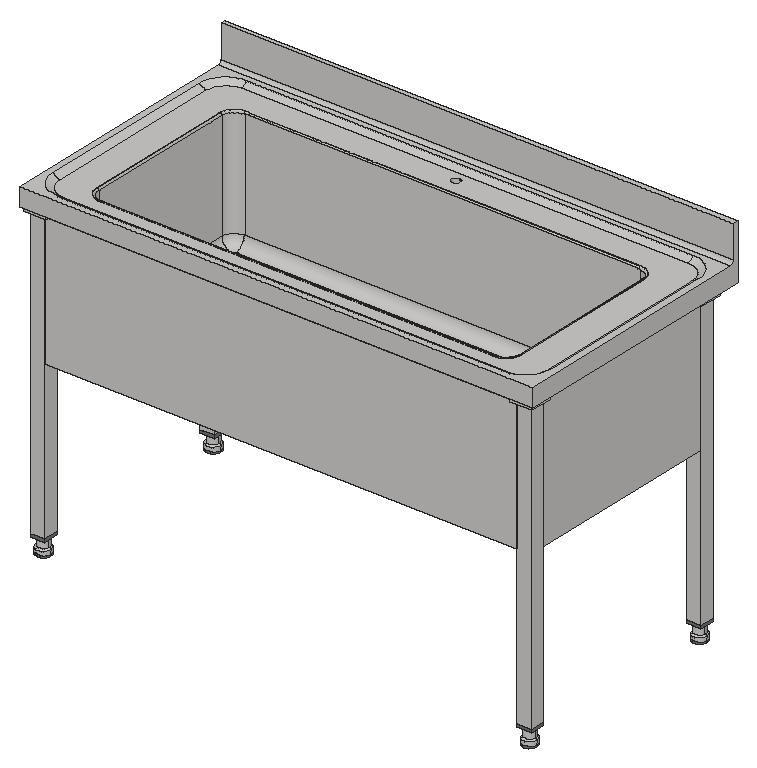
Revit family "QF_ZANUSSI_132910_SLP14N", category Attrezzature speciali, Revit 2020
Family settings
  Quota connettore circolare = Usa diametro
  Tipo di parte = Normale
  Basato su piano di lavoro = No
  Sempre verticale = Sì
  Taglio con vuoti quando caricato = No
  Condiviso = No
  Punto di calcolo locali = No
Parameters (values of type "Standard")
  Weight = 60.00 kg
  Watts = 0 W
  Volts = 0 V
  URL Manufacturer = "http://www.zanussiprofessional.com"
  URL = "http://www.zanussiprofessional.com"
  Steam Supply Size = 0 mm
  Steam Supply Minimum Pressure = 0.0 Pa
  Steam Supply Maximum Pressure = 0.0 Pa
  Steam Consumption per Hour = 0
  Refrigeration Suction Line Size = 0.0 mm
  Refrigeration Liquid Line Size = 0.0 mm
  Refrigerant Compressor Remote = yes
  Prospetto di default = 0.0 mm
  Phase = 0
  Modello = "SLP14N"
  Produttore = "Zanussi"
  Length Actual = 1400.0 mm  # constant formula
  Item Number = "132910"
  Hot Water Size = 0 mm
  Height Actual = 900.0 mm  # constant formula
  HP = "0 HP"
  Gas Size = 0 mm
  Gas KW = 0
  Gas Input Pressure = 0 W
  Direct Waste Size = 139.7 mm
  Descrizione = "SOAKING SINK UNIT WITH 1 BOWL (1280X510X340MM), 1400MM"
  Depth Actual = 700.0 mm  # constant formula
  Cycle = 0 Hz
  Condensate Return Size = 0 mm
  Compressed Air Volume = 0.0 L/s
  Compressed Air Size = 0 mm
  Compressed Air Pressure = 0.0 Pa
  Cold Water Size = 0 mm
  Accessory = yes
Reference planes
  plane 1 "Center (Front/Back)": y = 0
  plane 2: z = 0
  plane 3 "Center (Left/Right)": x = 100
  plane 4 "LEFT": x = -600
  plane 5 "RIGHT": x = 800
  plane 6 "BACK": y = 350
  plane 7 "FRONT": y = -350
  plane 8 "Base": z = 850
  plane 9 "TOP": z = 900
  plane 10 "Sink_Base": z = 558
  plane 11 "ScaricoX": x = 600
  plane 12: z = 441
  plane 13: y = 245
  plane 14 "PlaneGrid": z = 890
  plane 15 "ScaricoY": y = 141
Forms (mm)
  Extrusion 1, solid, material "QF_Finishes_Stainless Steel"
    sketch origin (100, 0, 0) x (0, 1, 0) y (0, 0, 1)
      loop
        line (-350, 850) -> (350, 850) -> (350, 1000) -> (337, 1000) -> (337, 910)
        arc (337, 910) -> (334.071, 902.929) -> (327, 900) r 10
        line (327, 900) -> (-350, 900) -> (-350, 850)
    from 700 to -700
  Extrusion 2, void
    sketch origin (0, 9, 558) x (0, -1, 0) y (1, 0, 0)
      loop
        circle (-132, 600) r 28
    from 32.343 to -63.145
  Revolve 3, solid, material "QF_Finishes_White"
    sketch origin (600, 9, 0) x (0, -1, 0) y (0, 0, 1)
      loop
        line (-148.5, 542.617) -> (-148.5, 528.5) -> (-147, 528.5) -> (-147, 543.449) -> (-158.558, 550.671) -> (-158.558, 558) -> (-160.058, 558) -> (-160.058, 549.84) -> (-148.5, 542.617)
      axis (-132, 558) -> (-132, 528.5)
    angle from 0 to 360
  Extrusion 4, void
    sketch origin (-6.5, 18.8, 558) x (0, -1, 0) y (1, 0, 0)
      loop
        circle (-245, 106.5) r 11.5
    from 342 to 275.381
  Extrusion 5, void
    sketch origin (-5, 0, 900) x (0, 1, 0) y (-1, 0, 0)
      loop
        arc (180.949, -685) -> (209.233, -673.284) -> (220.949, -645) r 40
        line (220.949, -645) -> (220.949, 435)
        arc (220.949, 435) -> (209.233, 463.284) -> (180.949, 475) r 40
        line (180.949, 475) -> (-239.051, 475)
        arc (-239.051, 475) -> (-267.335, 463.284) -> (-279.051, 435) r 40
        line (-279.051, 435) -> (-279.051, -645)
        arc (-279.051, -645) -> (-267.335, -673.284) -> (-239.051, -685) r 40
        line (-239.051, -685) -> (180.949, -685)
    from 0 to -50
  Extrusion 6, solid, material "QF_Finishes_Stainless Steel"
    sketch origin (-5, 0, 558) x (0, -1, 0) y (1, 0, 0)
      loop
        line (-185.949, 645) -> (-185.949, -435)
        arc (-185.949, -435) -> (-184.484, -438.536) -> (-180.949, -440) r 5
        line (-180.949, -440) -> (238.949, -440)
        arc (238.949, -440) -> (242.484, -438.536) -> (243.949, -435) r 5
        line (243.949, -435) -> (243.949, 645)
        arc (243.949, 645) -> (242.484, 648.536) -> (238.949, 650) r 5
        line (238.949, 650) -> (-180.949, 650)
        arc (-180.949, 650) -> (-184.484, 648.536) -> (-185.949, 645) r 5
    from 0 to 1.5
  Sweep 7, solid, material "QF_Finishes_Stainless Steel"
    path origin (-4.99, 0, 900) x (0, 1, 0) y (-1, 0, 0)
      loop
        line (220.949, -644.99) -> (220.949, 435.01)
        arc (220.949, 435.01) -> (209.233, 463.294) -> (180.949, 475.01) r 40
        line (180.949, 475.01) -> (-239.051, 475.01)
        arc (-239.051, 475.01) -> (-267.335, 463.294) -> (-279.051, 435.01) r 40
        line (-279.051, 435.01) -> (-279.051, -644.99)
        arc (-279.051, -644.99) -> (-267.335, -673.274) -> (-239.051, -684.99) r 40
        line (-239.051, -684.99) -> (180.949, -684.99)
        arc (180.949, -684.99) -> (209.233, -673.274) -> (220.949, -644.99) r 40
    profile origin (100, 220.949, 900) x (0, -1, 0) y (0, 0, 1)
      loop
        arc (5, -15) -> (3.536, -11.464) -> (0, -10) r 5
        line (0, -10) -> (0, -11.5)
        arc (0, -11.5) -> (2.475, -12.525) -> (3.5, -15) r 3.5
        line (3.5, -15) -> (3.5, -310.5)
        arc (3.5, -310.5) -> (12.726, -332.774) -> (35, -342) r 31.5
        line (35, -342) -> (35, -340.5)
        arc (35, -340.5) -> (13.787, -331.713) -> (5, -310.5) r 30
        line (5, -310.5) -> (5, -15)
  Blend 8, void
    base sketch origin (-4.99, 0, 900) x (0, 1, 0) y (-1, 0, 0)
      loop
        arc (312.89, 505.01) -> (291.541, 556.551) -> (240, 577.9) r 72.89
        line (240, 577.9) -> (-260, 577.9)
        arc (-260, 577.9) -> (-311.541, 556.551) -> (-332.89, 505.01) r 72.89
        line (-332.89, 505.01) -> (-332.89, -714.99)
        arc (-332.89, -714.99) -> (-311.541, -766.531) -> (-260, -787.88) r 72.89
        line (-260, -787.88) -> (240, -787.88)
        arc (240, -787.88) -> (291.541, -766.531) -> (312.89, -714.99) r 72.89
        line (312.89, -714.99) -> (312.89, 505.01)
    top sketch origin (-4.99, 0, 900) x (0, 1, 0) y (-1, 0, 0)
      loop
        arc (294.457, 505.01) -> (278.507, 543.517) -> (240, 559.467) r 54.457
        line (240, 559.467) -> (-260, 559.467)
        arc (-260, 559.467) -> (-298.507, 543.517) -> (-314.457, 505.01) r 54.457
        line (-314.457, 505.01) -> (-314.457, -714.99)
        arc (-314.457, -714.99) -> (-298.507, -753.497) -> (-260, -769.447) r 54.457
        line (-260, -769.447) -> (240, -769.447)
        arc (240, -769.447) -> (278.507, -753.497) -> (294.457, -714.99) r 54.457
        line (294.457, -714.99) -> (294.457, 505.01)
    from 0 to -10
Cuts and joins
  Extrusion 4, Extrusion 5, Blend 8 cuts Extrusion 1
  Extrusion 2 cuts Extrusion 6
Lines and regions (mm)
  symbolic lines
    curve 1: line (800, 350, 900) -> (-600, 350, 900)
    curve 2: line (-600, 350, 900) -> (-600, -350, 900)
    curve 3: line (-600, -350, 900) -> (800, -350, 900)
    curve 4: line (800, -350, 900) -> (800, 350, 900)
    curve 5: line (800, 337, 900) -> (-600, 337, 900)
    curve 6: arc (-582.89, 240, 900) -> (-561.541, 291.541, 900) -> (-510, 312.89, 900) r 72.89
    curve 7: line (-510, 312.89, 900) -> (710, 312.89, 900)
    curve 8: line (-582.89, -260, 900) -> (-582.89, 240, 900)
    curve 9: arc (-510, -332.89, 900) -> (-561.541, -311.541, 900) -> (-582.89, -260, 900) r 72.89
    curve 10: line (710, -332.89, 900) -> (-510, -332.89, 900)
    curve 11: line (-510, -314.457, 900) -> (710, -314.457, 900)
    curve 12: arc (-564.457, -260, 900) -> (-548.507, -298.507, 900) -> (-510, -314.457, 900) r 54.457
    curve 13: line (-564.457, 240, 900) -> (-564.457, -260, 900)
    curve 14: arc (-510, 294.457, 900) -> (-548.507, 278.507, 900) -> (-564.457, 240, 900) r 54.457
    curve 15: line (710, 294.457, 900) -> (-510, 294.457, 900)
    curve 16: arc (764.457, 240, 900) -> (748.507, 278.507, 900) -> (710, 294.457, 900) r 54.457
    curve 17: arc (710, 312.89, 900) -> (761.541, 291.541, 900) -> (782.89, 240, 900) r 72.89
    curve 18: line (782.89, 240, 900) -> (782.89, -260, 900)
    curve 19: line (764.457, -260, 900) -> (764.457, 240, 900)
    curve 20: arc (782.89, -260, 900) -> (761.541, -311.541, 900) -> (710, -332.89, 900) r 72.89
    curve 21: arc (710, -314.457, 900) -> (748.507, -298.507, 900) -> (764.457, -260, 900) r 54.457
    curve 22: line (-445, 180.949, 900) -> (-445, -238.949, 900)
    curve 23: line (639.939, 185.949, 900) -> (-440, 185.949, 900)
    curve 24: line (-440, -243.949, 900) -> (639.939, -243.949, 900)
    curve 25: line (644.939, -238.949, 900) -> (644.939, 180.949, 900)
    curve 26: arc (-440, 185.949, 900) -> (-443.536, 184.484, 900) -> (-445, 180.949, 900) r 5
    curve 27: arc (644.939, 180.949, 900) -> (643.474, 184.484, 900) -> (639.939, 185.949, 900) r 5
    curve 28: arc (639.939, -243.949, 900) -> (643.474, -242.484, 900) -> (644.939, -238.949, 900) r 5
    curve 29: arc (-445, -238.949, 900) -> (-443.536, -242.484, 900) -> (-440, -243.949, 900) r 5
    curve 30: circle (100, 263.8, 900) r 11.5 normal (0, 0, 1)
    curve 31: circle (600, 141, 900) r 28 normal (0, 0, 1)
    curve 32: circle (600, 141, 900) r 16.5 normal (0, 0, -1)
    curve 33: arc (-440, 220.949, 900) -> (-468.284, 209.233, 900) -> (-480, 180.949, 900) r 40
    curve 34: line (640, 220.949, 900) -> (-440, 220.949, 900)
    curve 35: line (-480, 180.949, 900) -> (-480, -239.051, 900)
    curve 36: arc (-480, -239.051, 900) -> (-468.284, -267.335, 900) -> (-440, -279.051, 900) r 40
    curve 37: line (-440, -279.051, 900) -> (640, -279.051, 900)
    curve 38: arc (640, -279.051, 900) -> (668.284, -267.335, 900) -> (680, -239.051, 900) r 40
    curve 39: line (680, -239.051, 900) -> (680, 180.949, 900)
    curve 40: arc (680, 180.949, 900) -> (668.284, 209.233, 900) -> (640, 220.949, 900) r 40
Dimensions and locks
  plane 4 "LEFT" to plane 5 "RIGHT" = 1400.0 mm
  equal spacing: plane 4 "LEFT", plane 3 "Center (Left/Right)", plane 5 "RIGHT"
  locked: plane 8 "Base" to level at 850
  locked: Extrusion 1 to level at 1000
  plane 9 "TOP" to level = 900.0 mm
  plane 6 "BACK" to plane 7 "FRONT" = 700.0 mm
  equal spacing: plane 6 "BACK", plane 1 "Center (Front/Back)", plane 7 "FRONT"
  plane 10 "Sink_Base" to level = 558.0 mm
  plane 12 to level = 441.0 mm
  locked: plane 11 "ScaricoX" to plane 5 "RIGHT" at 200
  locked: plane 6 "BACK" to plane 15 "ScaricoY" at 209
  aligned and locked: level to plane 2
  aligned and locked: Extrusion 1 to plane 4 "LEFT"
  aligned and locked: plane 5 "RIGHT" to Extrusion 1
  aligned and locked: curve 2 to plane 4 "LEFT"
Automatic sketch dimensions
  Extrusion 1 sketch curve to plane 7 "FRONT" = 0.0 mm
  Extrusion 1 sketch curve to plane 9 "TOP" = 0.0 mm
  Extrusion 1 sketch curve to plane 6 "BACK" = 0.0 mm
  Extrusion 1 sketch curve to plane 8 "Base" = 0.0 mm
  plane 9 "TOP" to Extrusion 1 sketch curve = 10.0 mm
  Extrusion 1 sketch curve to plane 6 "BACK" = 23.0 mm
  Extrusion 1 sketch curve to Extrusion 1 sketch curve = 90.0 mm
  Extrusion 2 sketch curve to plane 11 "ScaricoX" = 0.0 mm
  Extrusion 2 sketch curve to plane 15 "ScaricoY" = 0.0 mm
  plane 10 "Sink_Base" to Revolve 3 sketch curve = 0.0 mm
  Revolve 3 sketch curve to plane 15 "ScaricoY" = 0.0 mm
  plane 15 "ScaricoY" to Revolve 3 sketch curve = 15.0 mm
  Revolve 3 sketch curve to Revolve 3 sketch curve = 1.5 mm  (x2)
  plane 10 "Sink_Base" to Revolve 3 sketch curve = 7.329 mm
  Revolve 3 sketch curve to Revolve 3 sketch curve = 10.058 mm
  Revolve 3 sketch curve to Revolve 3 sketch curve = 0.831 mm  (x2)
  Revolve 3 sketch curve to Revolve 3 sketch curve = 7.222 mm
  Revolve 3 sketch curve to Revolve 3 sketch curve = 14.117 mm
  Revolve 3 sketch curve to Revolve 3 sketch curve = 24.0 mm
  Revolve 3 sketch curve to plane 10 "Sink_Base" = 26.5 mm
  Extrusion 4 sketch curve to plane 3 "Center (Left/Right)" = 0.0 mm
  plane 13 to Extrusion 4 sketch curve = 18.8 mm
  Sweep 7 sketch curve to Sweep 7 sketch curve = 0.0 mm  (x4)
  Sweep 7 sketch curve to profile plane = 0.0 mm
  Sweep 7 sketch curve to profile plane = 3.5 mm
  Sweep 7 sketch curve to Sweep 7 sketch curve = 1.5 mm
  Sweep 7 sketch curve to Sweep 7 sketch curve = 30.0 mm
  Sweep 7 sketch curve to profile plane = 342.0 mm
  Sweep 7 sketch curve to profile plane = 15.0 mm
  plane 15 "ScaricoY" to Extrusion 6 sketch curve = 44.949 mm
  Extrusion 6 sketch curve to Extrusion 6 sketch curve = 5.0 mm  (x4)
  plane 7 "FRONT" to Extrusion 6 sketch curve = 111.051 mm
  plane 4 "LEFT" to Extrusion 6 sketch curve = 155.0 mm
  Extrusion 6 sketch curve to plane 5 "RIGHT" = 160.0 mm
  Blend 8 sketch curve to plane 13 = 5.0 mm  (x4)
  Blend 8 sketch curve to plane 6 "BACK" = 37.11 mm
  plane 4 "LEFT" to Blend 8 sketch curve = 90.0 mm  (x2)
  plane 7 "FRONT" to Blend 8 sketch curve = 90.0 mm  (x2)
  Blend 8 sketch curve to Blend 8 sketch curve = 72.89 mm  (x2)
  Blend 8 sketch curve to plane 5 "RIGHT" = 90.0 mm  (x2)
  plane 13 to Blend 8 sketch curve = 49.457 mm
  Blend 8 sketch curve to Blend 8 sketch curve = 54.457 mm  (x2)
  curve 6 to curve 14 = 0.0 mm  (x2)
  curve 9 to curve 12 = 0.0 mm  (x2)
  curve 16 to curve 17 = 0.0 mm  (x2)
  curve 20 to curve 21 = 0.0 mm
  curve 3 to plane 5 "RIGHT" = 0.0 mm
  curve 3 to plane 7 "FRONT" = 0.0 mm
  curve 30 to plane 3 "Center (Left/Right)" = 0.0 mm
  curve 2 to plane 6 "BACK" = 0.0 mm
  plane 7 "FRONT" to curve 10 = 17.11 mm
  curve 10 to curve 11 = 18.433 mm
  plane 4 "LEFT" to curve 13 = 35.543 mm
  curve 12 to curve 13 = 54.457 mm
  curve 18 to plane 5 "RIGHT" = 17.11 mm
  curve 24 to curve 22 = 5.0 mm
  curve 27 to curve 23 = 5.0 mm
  curve 17 to plane 13 = 5.0 mm
  curve 14 to plane 13 = 5.0 mm
  plane 13 to curve 30 = 18.8 mm
  plane 13 to curve 15 = 49.457 mm
  curve 5 to plane 6 "BACK" = 13.0 mm
  plane 7 "FRONT" to Sweep 7 sketch curve = 110.949 mm
  Sweep 7 sketch curve to Sweep 7 sketch curve = 40.0 mm
  plane 15 "ScaricoY" to Sweep 7 sketch curve = 39.949 mm  (x2)
  Sweep 7 sketch curve to plane 13 = 24.051 mm
  Sweep 7 sketch curve to plane 11 "ScaricoX" = 40.0 mm  (x2)
  plane 4 "LEFT" to Sweep 7 sketch curve = 160.0 mm
  plane 7 "FRONT" to Extrusion 5 sketch curve = 70.949 mm
  Extrusion 5 sketch curve to Extrusion 5 sketch curve = 40.0 mm  (x2)
  plane 15 "ScaricoY" to Extrusion 5 sketch curve = 39.949 mm  (x2)
  Extrusion 5 sketch curve to plane 13 = 24.051 mm
  Extrusion 5 sketch curve to plane 11 "ScaricoX" = 40.0 mm
  plane 4 "LEFT" to Extrusion 5 sketch curve = 160.0 mm
  curve 31 to curve 32 = 0.0 mm  (x2)
  curve 32 to plane 11 "ScaricoX" = 0.0 mm
  curve 32 to plane 15 "ScaricoY" = 0.0 mm
  curve 26 to curve 26 = 5.0 mm
  curve 24 to curve 25 = 5.0 mm
  plane 15 "ScaricoY" to curve 27 = 39.949 mm
  curve 25 to plane 11 "ScaricoX" = 44.939 mm
  curve 20 to curve 24 = 16.051 mm
  curve 26 to curve 6 = 70.0 mm
  curve 33 to curve 26 = 0.0 mm
  curve 34 to plane 13 = 24.051 mm
  curve 34 to curve 23 = 0.0 mm
  curve 34 to curve 23 = 0.061 mm
  curve 9 to curve 35 = 20.949 mm
  curve 36 to curve 29 = 0.0 mm
  curve 37 to curve 28 = 0.061 mm
  curve 38 to curve 28 = 0.102 mm
  curve 25 to curve 39 = 0.0 mm
  radius of Extrusion 2 sketch curve = 28.0 mm
  radius of Extrusion 4 sketch curve = 11.5 mm
  radius of curve 30 = 11.5 mm
  radius of curve 31 = 28.0 mm
  radius of curve 32 = 16.5 mm
Nested families
  nested 1: "TAV_W1400_CASSH" at (-50, 0, 0), type "TAV_W1400_CASSH"
Connectors
  piping at (600, 141, 528.5), diameter 30
    settings: on Revolve 3, index 1, connector inside diameter 609.6 mm, connector length 0.0 mm, flow factor 0, pipe flow 0.0 L/s, pressure drop 0.0 Pa, fitting loss kfactor 0, connector angle 0.00°, fixture units 0, engagement length 0.0 mm, angle of deflection 0.00°, flow configuration 1, flow direction 2, fitting loss method 0, system type 16, joint type 0, gender type 0, connector reference index -1, connector utility 0, adjustable connector no, is connector primary yes, connector description "Drain 2"
Definition of nested family "TAV_W1400_CASSH"
  Parameters
    Default Elevation = 0.0 mm
    Model = "TAV_W1400_CASSH"
    Manufacturer = "Electrolux Professional"
    Description = ""
  Reference planes
    plane 1 "Center (Front/Back)": y = 0
    plane 2: z = 0
    plane 3 "Center (Left/Right)": x = 150
    plane 4 "LEFT": x = -550
    plane 5 "RIGHT": x = 850
    plane 6 "BACK": y = 350
    plane 7 "FRONT": y = -350
    plane 8 "Base": z = 850
    plane 9 "TOP": z = 900
    plane 10: x = -514.5
    plane 11: x = 814.5
    plane 12: y = 265.5
    plane 13: y = -314.5
    plane 14: x = -494.5
    plane 15: x = 794.5
    plane 16 "RIPIANO": z = 200
  Forms (mm)
    Extrusion 1, solid
      sketch origin (0, 0.5, 850) x (0, 1, 0) y (-1, 0, 0)
        loop
          line (245, 534.5) -> (-295, 534.5) -> (-295, 533) -> (245, 533) -> (245, 534.5)
        loop
          line (-295, -834.5) -> (285, -834.5) -> (285, -833) -> (-295, -833) -> (-295, -834.5)
        loop
          line (-335, 494.5) -> (-335, -794.5) -> (-333.5, -794.5) -> (-333.5, 494.5) -> (-335, 494.5)
      from -10 to -370
    Extrusion 2, solid
      sketch origin (-4.534, 0, 850) x (0, 1, 0) y (-1, 0, 0)
        loop
          line (235.5, 529.966) -> (-284.5, 529.966) -> (-284.5, 489.966) -> (235.5, 489.966) -> (235.5, 529.966)
        loop
          line (-334.506, 479.966) -> (-334.506, -789.034) -> (-294.506, -789.034) -> (-294.506, 479.966) -> (-334.506, 479.966)
        loop
          line (-284.5, -839.034) -> (235.5, -839.034) -> (235.5, -799.034) -> (-284.5, -799.034) -> (-284.5, -839.034)
        loop
          line (285.5, 479.966) -> (245.5, 479.966) -> (245.5, -789.034) -> (285.5, -789.034) -> (285.5, 479.966)
      from 0 to -10
  Lines and regions (mm)
    symbolic lines, detail levels coarse
      curve 1: line (-550, 350, 200) -> (850, 350, 200)
      curve 2: line (-550, -350, 200) -> (-550, 350, 200)
      curve 3: line (850, -350, 200) -> (-550, -350, 200)
      curve 4: line (850, 350, 200) -> (850, -350, 200)
  Dimensions and locks
    plane 4 "LEFT" to plane 5 "RIGHT" = 1400.0 mm
    equal spacing: plane 4 "LEFT", plane 3 "Center (Left/Right)", plane 5 "RIGHT"
    locked: plane 8 "Base" to level at 850
    plane 4 "LEFT" to plane 10 = 35.5 mm
    plane 11 to plane 5 "RIGHT" = 35.5 mm
    plane 10 to plane 11 = 1329.0 mm
    plane 9 "TOP" to level = 900.0 mm
    plane 6 "BACK" to plane 12 = 84.5 mm
    plane 13 to plane 7 "FRONT" = 35.5 mm
    plane 6 "BACK" to plane 7 "FRONT" = 700.0 mm
    plane 12 to plane 13 = 580.0 mm
    equal spacing: plane 6 "BACK", plane 1 "Center (Front/Back)", plane 7 "FRONT"
    locked: plane 14 to plane 4 "LEFT" at 55.5
    locked: plane 5 "RIGHT" to plane 15 at 55.5
    plane 16 "RIPIANO" to level = 200.0 mm
    plane 2 to plane 16 "RIPIANO" to plane 8 "Base" = 200.0 mm, 650.0 mm
    aligned and locked: level to plane 2
    aligned and locked: plane 10 to nested 1
    aligned and locked: nested 1 to plane 13
    aligned and locked: plane 11 to nested 2
    aligned and locked: nested 2 to plane 13
    aligned and locked: plane 11 to nested 4
    aligned and locked: nested 4 to plane 12
    aligned and locked: plane 10 to nested 3
    aligned and locked: nested 3 to plane 12
    aligned and locked: plane 14 to Extrusion 1 sketch curve
    aligned and locked: Extrusion 1 sketch curve to plane 15
    aligned and locked: Extrusion 1 to Extrusion 2
  Automatic sketch dimensions
    plane 7 "FRONT" to Extrusion 1 sketch curve = 15.5 mm
    plane 13 to Extrusion 1 sketch curve = 20.0 mm  (x2)
    plane 4 "LEFT" to Extrusion 1 sketch curve = 15.5 mm
    Extrusion 1 sketch curve to plane 5 "RIGHT" = 15.5 mm
    Extrusion 1 sketch curve to Extrusion 1 sketch curve = 1.5 mm  (x3)
    Extrusion 1 sketch curve to plane 6 "BACK" = 104.5 mm
    Extrusion 1 sketch curve to plane 6 "BACK" = 64.5 mm
    plane 15 to Extrusion 2 sketch curve = 10.0 mm  (x2)
    plane 7 "FRONT" to Extrusion 2 sketch curve = 15.494 mm
    plane 13 to Extrusion 2 sketch curve = 19.994 mm
    Extrusion 2 sketch curve to plane 5 "RIGHT" = 15.5 mm
    plane 13 to Extrusion 2 sketch curve = 30.0 mm  (x2)
    Extrusion 2 sketch curve to plane 14 = 0.0 mm
    Extrusion 2 sketch curve to plane 12 = 30.0 mm  (x2)
    Extrusion 2 sketch curve to plane 12 = 20.0 mm
    plane 12 to Extrusion 2 sketch curve = 20.0 mm
    Extrusion 2 sketch curve to plane 15 = 0.0 mm
    Extrusion 2 sketch curve to plane 14 = 10.0 mm  (x2)
    Extrusion 2 sketch curve to plane 10 = 20.0 mm
    curve 3 to plane 4 "LEFT" = 0.0 mm
    curve 3 to plane 7 "FRONT" = 0.0 mm
    curve 2 to plane 6 "BACK" = 0.0 mm
    curve 1 to plane 5 "RIGHT" = 0.0 mm
  Nested families
    nested 1: "FEET_40x40_TAV" at (-514.5, -314.5, 0), type "FEET_40x40_TAV"
    nested 2: "FEET_40x40_TAV" at (814.5, -314.5, 0), type "FEET_40x40_TAV"
    nested 3: "FEET_40x40_TAV" at (-514.5, 265.5, 0), type "FEET_40x40_TAV"
    nested 4: "FEET_40x40_TAV" at (814.5, 265.5, 0), type "FEET_40x40_TAV"
  Definition of nested family "FEET_40x40_TAV"
    Parameters
      Default Elevation = 0.0 mm
      FEET = 850.0 mm
    Reference planes
      plane 1 "Center (Front/Back)": y = 0
      plane 2: z = 0
      plane 3 "Center (Left/Right)": x = 0
      plane 4: z = 850
    Forms (mm)
      Extrusion 1, solid
        sketch origin (0, 0, 0) x (1, 0, 0) y (0, 1, 0)
          loop
            line (-20, -20) -> (20, -20) -> (20, 20) -> (-20, 20) -> (-20, -20)
        from 50 to 840
      Extrusion 2, solid
        sketch origin (0, 0, 0) x (1, 0, 0) y (0, 1, 0)
          loop
            circle (0, 0) r 20
        from 0 to 5
      Extrusion 3, solid
        sketch origin (0, 0, 0) x (1, 0, 0) y (0, 1, 0)
          loop
            line (30, 30) -> (-30, 30) -> (-30, -30) -> (30, -30) -> (30, 30)
        from 840 to 850
      Extrusion 4, solid
        sketch origin (0, 0, 0) x (1, 0, 0) y (0, 1, 0)
          loop
            line (-20, -20) -> (20, -20) -> (20, 20) -> (-20, 20) -> (-20, -20)
        from 50 to 42
      Revolve 5, solid
        sketch origin (0, 0, 0) x (1, 0, 0) y (0, 0, 1)
          loop
            line (0, 42) -> (-15, 42) -> (-15, 20) -> (-20, 15) -> (-20, 5) -> (0, 5) -> (0, 42)
          axis (0, 42) -> (0, 5)
        angle from 0 to 360
    Lines and regions (mm)
      symbolic lines
        curve 1: line (0, -1.503, 0) -> (0, 1.508, 0)
        curve 2: line (1.561, 0, 0) -> (-1.439, 0, 0)
    Dimensions and locks
      "FEET": plane 4 to plane 2
      aligned and locked: level to plane 2
    Automatic sketch dimensions
      plane 1 "Center (Front/Back)" to curve 2 = 0.0 mm
      curve 1 to plane 3 "Center (Left/Right)" = 0.0 mm
      curve 2 to plane 3 "Center (Left/Right)" = 1.439 mm
      plane 3 "Center (Left/Right)" to curve 2 = 1.561 mm
      plane 1 "Center (Front/Back)" to curve 1 = 1.503 mm
      curve 1 to plane 1 "Center (Front/Back)" = 1.508 mm
      Extrusion 1 sketch curve to plane 3 "Center (Left/Right)" = 20.0 mm
      plane 3 "Center (Left/Right)" to Extrusion 1 sketch curve = 20.0 mm
      plane 1 "Center (Front/Back)" to Extrusion 1 sketch curve = 20.0 mm
      Extrusion 1 sketch curve to plane 1 "Center (Front/Back)" = 20.0 mm
      plane 1 "Center (Front/Back)" to Extrusion 2 sketch curve = 0.0 mm
      Extrusion 2 sketch curve to plane 3 "Center (Left/Right)" = 0.0 mm
      Extrusion 3 sketch curve to plane 3 "Center (Left/Right)" = 30.0 mm
      plane 3 "Center (Left/Right)" to Extrusion 3 sketch curve = 30.0 mm
      plane 1 "Center (Front/Back)" to Extrusion 3 sketch curve = 30.0 mm
      Extrusion 3 sketch curve to plane 1 "Center (Front/Back)" = 30.0 mm
      Extrusion 4 sketch curve to plane 3 "Center (Left/Right)" = 20.0 mm
      plane 3 "Center (Left/Right)" to Extrusion 4 sketch curve = 20.0 mm
      plane 1 "Center (Front/Back)" to Extrusion 4 sketch curve = 20.0 mm
      Extrusion 4 sketch curve to plane 1 "Center (Front/Back)" = 20.0 mm
      Revolve 5 sketch curve to plane 3 "Center (Left/Right)" = 0.0 mm  (x2)
      Revolve 5 sketch curve to plane 3 "Center (Left/Right)" = 15.0 mm
      Revolve 5 sketch curve to Revolve 5 sketch curve = 5.0 mm  (x3)
      level to Revolve 5 sketch curve = 5.0 mm
      Revolve 5 sketch curve to Revolve 5 sketch curve = 10.0 mm
      Revolve 5 sketch curve to Revolve 5 sketch curve = 22.0 mm
      Revolve 5 sketch curve to level = 9.561 mm
      radius of Extrusion 2 sketch curve = 20.0 mm
